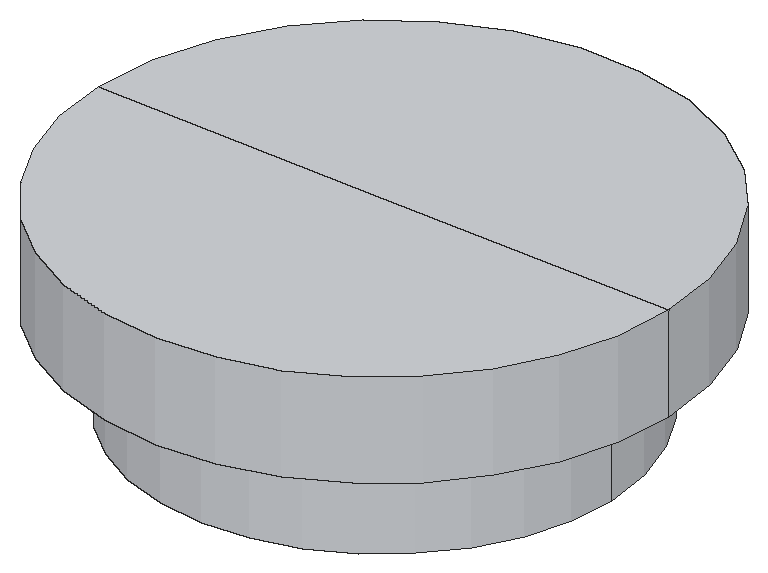
Revit family "BM_Multisensor_V1700", category Brandmelder, Revit 2017
Family settings
  Beschriftungsausrichtung beibehalten = Nein
  Bemaßung runder Anschluss = Radius verwenden
  Teiletyp = Normal
  OmniClass-Nummer = 23.85.30.21.11
  OmniClass-Titel = Fire Detection, Monitoring and Alarm
  Arbeitsebenenbasiert = Ja
  Immer vertikal = Ja
  Beim Laden mit Abzugskörper schneiden = Nein
  Gemeinsam genutzt = Nein
  Raumberechnungspunkt = Ja
Parameters (values of type "Multisensormelder_Fertigdecke")
  pbr_Material_KZ = ""
  pbr_Material = none
  pbr_E_Typ = ""
  pbr_E_KZ = ""
  pbr_DINBild = 0
  pbr_Bild = 0
  pbr_3Dx_Delta_Korrekturversatz [instance] = 0 mm
  pbr_3DX_Versatzfaktor [instance] = 0
  pbr_2DY_Versatzfaktor [instance] = 0
  pbr_2DX_Versatzfaktor [instance] = 0
  lfd_STRK [instance] = 0
  Zentrale [instance] = ""
  YFrontversatz [instance] = if(pbr_2DY_Versatzfaktor = 300, 0 mm, pbr_2DY_Versatzfaktor * 300 mm)  # 0 mm
  XSeitenversatz [instance] = if(pbr_2DX_Versatzfaktor = 0, 3000 mm, 3000 mm + (pbr_2DX_Versatzfaktor * 300 mm)) + Eckversatz  # 3000 mm
  X3Dversatz [instance] = if([3DX_Versatzkontrolle] = 0, 2000 mm, 2000 mm + ([3DX_Versatzkontrolle] * (300 mm - Breite))) + pbr_3Dx_Delta_Korrekturversatz  # 2000 mm
  Winkel [instance] = 0.00°
  Default Elevation = 1219.2 mm
  Typ [instance] = ""
  Tiefe = Breite  # 150 mm
  Text3 [instance] = ""
  Text2 [instance] = ""
  Text1 [instance] = ""
  Symbollänge [instance] = 0 mm
  Symbolabstand [instance] = if(Symbollänge = 0 mm, Breite, Symbollänge)  # 150 mm
  Spannung [instance] = 0
  Scheinleistung [instance] = 0 VA
  Radius_Melder = Breite * 0.4  # 60 mm
  Polig [instance] = 1
  Planungsbüro Osnabrück = "www.pbr.de"
  Niveau [instance] = 0 mm
  Netzart = ""
  Nennstrom [instance] = 0
  Multisensormelder unter Fertigdecke = yes
  Multisensormelder mit Alarmierung und Blitzleuchte = no
  Multisensormelder mit Alarmierung = no
  Multisensormelder in abgehängter Decke = no
  Multisensormelder im Doppelboden = no
  Menge (Dosenzahl) [instance] = 1
  Loop [instance] = ""
  Linie/Anschluss [instance] = ""
  Leistungsfaktor [instance] = 0
  Lastklassifizierung = none
  Installationsart = ""
  Info [instance] = ""
  Höhe = 50 mm
  Gewerk [instance] = "Brandmelder"
  Eckversatz [instance] = 0 mm
  Bus [instance] = ""
  Breite = 150 mm
  Betriebsstrom ruhe [instance] = 0
  Betriebsstrom max [instance] = 0
  3DX_Versatzkontrolle [instance] = if(pbr_3DX_Versatzfaktor = 0, (pbr_2DX_Versatzfaktor * -1), (((-1 * pbr_3DX_Versatzfaktor) + pbr_2DX_Versatzfaktor) * -1))  # 0
Types (5, lengths in mm): name | Tiefe | Symbolabstand | Radius_Melder | Multisensormelder unter Fertigdecke | Multisensormelder mit Alarmierung und Blitzleuchte | Multisensormelder mit Alarmierung | Multisensormelder in abgehängter Decke | Multisensormelder im Doppelboden | Höhe | Breite
  Multisensormelder_Doppelboden | 200 | 200 | 80 | no | no | no | no | yes | 80 | 200
  Multisensormelder_abgeh_Decke | 200 | 200 | 80 | no | no | no | yes | no | 80 | 200
  Multisensormelder_Alarmierung | 150 | 150 | 60 | no | no | yes | no | no | 50 | 150
  Multisensormelder_Alarmierung_ Blitzleuchte | 150 | 150 | 60 | no | yes | no | no | no | 50 | 150
  Multisensormelder_Fertigdecke | 150 | 150 | 60 | yes | no | no | no | no | 50 | 150
Reference planes
  plane 1 "Mitte (Vorne/Hinten)": y = 0
  plane 2: z = 0
  plane 3 "Mitte (Links/Rechts)": x = 0
  plane 4: y = 75
  plane 5: x = 75
  plane 6: y = -75
  plane 7: x = -75
  plane 8: y = -75
  plane 9: y = 75
  plane 10: x = -75
  plane 11: x = 75
  plane 12: z = 50
  plane 13: z = 25
Forms (mm)
  Revolve 1, solid
    sketch origin (0.104, -0.442, -50.002) x (1, 0, 0) y (0, 0, 1)
      loop
        line (0, 50.046) -> (0, 0) -> (59.896, 0) -> (59.896, 25.046) -> (74.896, 25.046) -> (74.896, 50.046) -> (0, 50.046)
      axis (0, 0) -> (0, 50.046)
    angle from 0 to 360
Lines and regions (mm)
  reference lines
    curve 1: line (0, 0, 1407.319) -> (0, 0, 1447.319)
Dimensions and locks
  equal spacing: plane 7, plane 3 "Mitte (Links/Rechts)", plane 5
  equal spacing: plane 6, plane 1 "Mitte (Vorne/Hinten)", plane 4
  "Symbolabstand": plane 7 to plane 5
  plane 4 to plane 6 = 150 mm
  equal spacing: plane 8, plane 1 "Mitte (Vorne/Hinten)", plane 9
  "Tiefe": plane 8 to plane 9
  equal spacing: plane 10, plane 3 "Mitte (Links/Rechts)", plane 11
  "Breite": plane 10 to plane 11
  "Höhe": plane 12 to plane 2
  equal spacing: plane 12, plane 13, level
  "Radius_Melder": Revolve 1 sketch curve to plane 3 "Mitte (Links/Rechts)"
  level to plane 13 = 25 mm
  aligned and locked: level to plane 2
  aligned and locked: plane 3 "Mitte (Links/Rechts)" to nested 1
  aligned and locked: plane 1 "Mitte (Vorne/Hinten)" to nested 1
  aligned and locked: plane 3 "Mitte (Links/Rechts)" to nested 2
  aligned and locked: plane 1 "Mitte (Vorne/Hinten)" to nested 2
  aligned and locked: plane 3 "Mitte (Links/Rechts)" to nested 3
  aligned and locked: plane 1 "Mitte (Vorne/Hinten)" to nested 3
  aligned and locked: plane 3 "Mitte (Links/Rechts)" to nested 4
  aligned and locked: plane 1 "Mitte (Vorne/Hinten)" to nested 4
  aligned and locked: plane 3 "Mitte (Links/Rechts)" to nested 5
  aligned and locked: plane 1 "Mitte (Vorne/Hinten)" to nested 5
Automatic sketch dimensions
  curve 1 to plane 3 "Mitte (Links/Rechts)" = 0 mm
  level to curve 1 = 1407.319 mm
  curve 1 to curve 1 = 40 mm
  Revolve 1 sketch curve to plane 5 = 0 mm
  level to Revolve 1 sketch curve = 0.044 mm
  plane 3 "Mitte (Links/Rechts)" to Revolve 1 sketch curve = 0.104 mm  (x2)
  Revolve 1 sketch curve to level = 24.956 mm
  Revolve 1 sketch curve to level = 50.002 mm
  Revolve 1 sketch curve to Revolve 1 sketch curve = 16.95 mm
  plane 12 to Revolve 1 sketch curve = 11.469 mm
Nested families
  nested 1: "Multisensormelder im Doppelboden" at (0, 0, 0), visible <- "Multisensormelder im Doppelboden", type "Multisensormelder im Doppelboden"
  nested 2: "Multisensormelder in abgeh Decke" at (0, 0, 0), visible <- "Multisensormelder in abgehängter Decke", type "Multisensormelder in abgeh Decke"
  nested 3: "Multisensormelder mit Alarmierung" at (0, 0, 0), visible <- "Multisensormelder mit Alarmierung", type "Multisensormelder mit Alarmierung"
  nested 4: "Multisensormelder mit Alarmierung und Blitzleuchte" at (0, 0, 0), visible <- "Multisensormelder mit Alarmierung und Blitzleuchte", type "Multisensormelder mit Alarmierung und Blitzleuchte"
  nested 5: "Multisensormelder unter Fertigdecke" at (0, 0, 0), visible <- "Multisensormelder unter Fertigdecke", type "Multisensormelder unter Fertigdecke"
Connectors
  electrical at (0.104, -0.442, 0.044)
    settings: on Revolve 1, index 1, voltage 12 V, apparent load 1 VA, apparent load phase1 0 VA, apparent load phase2 0 VA, apparent load phase3 0 VA, power factor 1, load classification "Sonstige", number of poles 1, system type 11, power factor state 1, is connector primary yes, connector utility no, sub classification motor no, connector description ""
Definition of nested family "Multisensormelder im Doppelboden"
  Parameters (values of type "Multisensormelder im Doppelboden")
    Lautsprecher = yes
    Design-Lautsprecher = yes
    Anbau-Lautsprecher Typ A = yes
  Reference planes
    plane 1 "Mitte (Vorne/Hinten)": y = 0
    plane 2: z = 0
    plane 3 "Mitte (Links/Rechts)": x = 0
    plane 4: x = 0
    plane 5: y = 0
  Lines and regions (mm)
    Filled region 1, type "Beton", in view "Referenzebene"
      outline origin (0, 0, 0) x (1, 0, 0) y (0, 1, 0)
        loop
          line (-11.066, -36.643) -> (40.872, -70.215) -> (7.3, -18.278) -> (-11.066, -36.643)
        loop
          line (20.434, -5.143) -> (72.372, -38.715) -> (38.8, 13.222) -> (20.434, -5.143)
    detail lines, in view "Referenzebene"
      curve 1: line (-11.066, -36.643, 0) -> (40.872, -70.215, 0)
      curve 2: line (40.872, -70.215, 0) -> (7.3, -18.278, 0)
      curve 3: line (38.8, 13.222, 0) -> (72.372, -38.715, 0)
      curve 4: line (72.372, -38.715, 0) -> (20.434, -5.143, 0)
      curve 5: line (-135, 135, 0) -> (135, 135, 0)
      curve 6: line (135, 135, 0) -> (135, -135, 0)
      curve 7: line (135, -135, 0) -> (-135, -135, 0)
      curve 8: line (-135, -135, 0) -> (-135, 135, 0)
      curve 9: line (-70.498, 41.154, 0) -> (-3.676, -25.668, 0)
      curve 10: line (-38.998, 72.654, 0) -> (27.824, 5.832, 0)
      curve 11: line (-109.246, 109.246, 0) -> (109.246, 109.246, 0)
      curve 12: line (109.246, 109.246, 0) -> (109.246, -109.246, 0)
      curve 13: line (109.246, -109.246, 0) -> (-109.246, -109.246, 0)
      curve 14: line (-109.246, -109.246, 0) -> (-109.246, 109.246, 0)
      curve 15: line (-103.446, -47.521, 0) -> (-101.25, -38.004, 0)
      curve 16: line (-101.25, -38.004, 0) -> (-91.056, -31.98, 0)
      curve 17: line (-91.056, -31.98, 0) -> (-81.433, -31.98, 0)
      curve 18: line (-81.433, -31.98, 0) -> (-76.141, -37.753, 0)
      curve 19: line (-76.141, -37.753, 0) -> (-74.112, -87.425, 0)
      curve 20: line (-74.112, -87.425, 0) -> (-69.523, -94.946, 0)
      curve 21: line (-69.523, -94.946, 0) -> (-56.895, -96.442, 0)
      curve 22: line (-56.895, -96.442, 0) -> (-45.76, -95.511, 0)
      curve 23: line (-45.76, -95.511, 0) -> (-40.447, -87.576, 0)
      curve 24: line (-40.447, -87.576, 0) -> (-38.131, -32.461, 0)
      curve 25: line (-38.131, -32.461, 0) -> (-44.867, -28.613, 0)
      curve 26: line (-44.867, -28.613, 0) -> (-53.046, -31.499, 0)
      curve 27: line (-53.046, -31.499, 0) -> (-56.414, -42.082, 0)
      curve 28: line (-56.414, -42.082, 0) -> (-51.603, -48.817, 0)
      curve 29: line (-51.603, -48.817, 0) -> (-44.386, -50.26, 0)
      curve 30: line (-44.386, -50.26, 0) -> (-35.244, -46.412, 0)
      curve 31: line (-35.244, -46.412, 0) -> (-29.47, -43.045, 0)
      curve 32: line (-29.47, -43.045, 0) -> (-23.216, -38.234, 0)
Definition of nested family "Multisensormelder in abgeh Decke"
  Parameters (values of type "Multisensormelder in abgeh Decke")
    Lautsprecher = yes
    Design-Lautsprecher = yes
    Anbau-Lautsprecher Typ A = yes
  Reference planes
    plane 1 "Mitte (Vorne/Hinten)": y = 0
    plane 2: z = 0
    plane 3 "Mitte (Links/Rechts)": x = 0
    plane 4: x = 0
    plane 5: y = 0
  Lines and regions (mm)
    Filled region 1, type "Beton", in view "Referenzebene"
      outline origin (0, 0, 0) x (1, 0, 0) y (0, 1, 0)
        loop
          line (44.021, 13.111) -> (22.979, -7.931) -> (82.485, -46.395) -> (44.021, 13.111)
        loop
          line (7.931, -22.979) -> (-13.111, -44.021) -> (46.395, -82.485) -> (7.931, -22.979)
    detail lines, in view "Referenzebene"
      curve 1: line (27.5, 0, 0) -> (-27.5, 0, 0)
      curve 2: line (0, 27.5, 0) -> (0, -27.5, 0)
      curve 3: circle (0, 0, 0) r 135.029 normal (0, 0, 1)
      curve 4: line (-13.111, -44.021, 0) -> (46.395, -82.485, 0)
      curve 5: line (46.395, -82.485, 0) -> (7.931, -22.979, 0)
      curve 6: line (44.021, 13.111, 0) -> (82.485, -46.395, 0)
      curve 7: line (82.485, -46.395, 0) -> (22.979, -7.931, 0)
      curve 8: line (-81.203, 45.112, 0) -> (-4.644, -31.446, 0)
      curve 9: line (-45.113, 81.202, 0) -> (31.446, 4.644, 0)
      curve 10: line (-87.615, 87.615, 0) -> (87.615, 87.615, 0)
      curve 11: line (87.615, 87.615, 0) -> (87.615, -87.615, 0)
      curve 12: line (87.615, -87.615, 0) -> (-87.615, -87.615, 0)
      curve 13: line (-87.615, -87.615, 0) -> (-87.615, 87.615, 0)
      curve 14: line (-82.964, -38.112, 0) -> (-81.202, -30.479, 0)
      curve 15: line (-81.202, -30.479, 0) -> (-73.027, -25.648, 0)
      curve 16: line (-73.027, -25.648, 0) -> (-65.31, -25.648, 0)
      curve 17: line (-65.31, -25.648, 0) -> (-61.065, -30.278, 0)
      curve 18: line (-61.065, -30.278, 0) -> (-59.438, -70.115, 0)
      curve 19: line (-59.438, -70.115, 0) -> (-55.757, -76.147, 0)
      curve 20: line (-55.757, -76.147, 0) -> (-45.63, -77.347, 0)
      curve 21: line (-45.63, -77.347, 0) -> (-36.699, -76.6, 0)
      curve 22: line (-36.699, -76.6, 0) -> (-32.438, -70.236, 0)
      curve 23: line (-32.438, -70.236, 0) -> (-30.581, -26.034, 0)
      curve 24: line (-30.581, -26.034, 0) -> (-35.983, -22.947, 0)
      curve 25: line (-35.983, -22.947, 0) -> (-42.543, -25.262, 0)
      curve 26: line (-42.543, -25.262, 0) -> (-45.244, -33.75, 0)
      curve 27: line (-45.244, -33.75, 0) -> (-41.385, -39.151, 0)
      curve 28: line (-41.385, -39.151, 0) -> (-35.597, -40.309, 0)
      curve 29: line (-35.597, -40.309, 0) -> (-28.266, -37.222, 0)
      curve 30: line (-28.266, -37.222, 0) -> (-23.635, -34.522, 0)
      curve 31: line (-23.635, -34.522, 0) -> (-18.619, -30.664, 0)
Definition of nested family "Multisensormelder mit Alarmierung"
  Parameters (values of type "Multisensormelder mit Alarmierung")
    Lautsprecher = yes
    Design-Lautsprecher = yes
    Anbau-Lautsprecher Typ A = yes
  Reference planes
    plane 1 "Mitte (Vorne/Hinten)": y = 0
    plane 2: z = 0
    plane 3 "Mitte (Links/Rechts)": x = 0
    plane 4: x = 0
    plane 5: y = 0
  Lines and regions (mm)
    Filled region 1, type "Beton", in view "Referenzebene"
      outline origin (0, 0, 0) x (1, 0, 0) y (0, 1, 0)
        loop
          line (47.756, 11.557) -> (25.056, -11.142) -> (89.251, -52.637) -> (47.756, 11.557)
        loop
          line (8.822, -27.377) -> (-13.878, -50.076) -> (50.317, -91.571) -> (8.822, -27.377)
    detail lines, in view "Referenzebene"
      curve 1: line (-13.878, -50.076, 0) -> (50.317, -91.571, 0)
      curve 2: line (50.317, -91.571, 0) -> (8.822, -27.377, 0)
      curve 3: line (47.756, 11.557, 0) -> (89.251, -52.637, 0)
      curve 4: line (89.251, -52.637, 0) -> (25.056, -11.142, 0)
      curve 5: line (-87.335, 46.081, 0) -> (-4.744, -36.51, 0)
      curve 6: line (-48.401, 85.015, 0) -> (34.19, 2.424, 0)
      curve 7: line (-135.028, 135.028, 0) -> (135.028, 135.028, 0)
      curve 8: line (135.028, 135.028, 0) -> (135.028, -135.028, 0)
      curve 9: line (135.028, -135.028, 0) -> (-135.028, -135.028, 0)
      curve 10: line (-135.028, -135.028, 0) -> (-135.028, 135.028, 0)
      curve 11: line (-127.86, -58.736, 0) -> (-125.145, -46.973, 0)
      curve 12: line (-125.145, -46.973, 0) -> (-112.545, -39.528, 0)
      curve 13: line (-112.545, -39.528, 0) -> (-100.652, -39.528, 0)
      curve 14: line (-100.652, -39.528, 0) -> (-94.11, -46.663, 0)
      curve 15: line (-94.11, -46.663, 0) -> (-91.602, -108.057, 0)
      curve 16: line (-91.602, -108.057, 0) -> (-85.93, -117.353, 0)
      curve 17: line (-85.93, -117.353, 0) -> (-70.323, -119.202, 0)
      curve 18: line (-70.323, -119.202, 0) -> (-56.559, -118.052, 0)
      curve 19: line (-56.559, -118.052, 0) -> (-49.992, -108.244, 0)
      curve 20: line (-49.992, -108.244, 0) -> (-47.13, -40.122, 0)
      curve 21: line (-47.13, -40.122, 0) -> (-55.455, -35.365, 0)
      curve 22: line (-55.455, -35.365, 0) -> (-65.565, -38.933, 0)
      curve 23: line (-65.565, -38.933, 0) -> (-69.728, -52.014, 0)
      curve 24: line (-69.728, -52.014, 0) -> (-63.781, -60.338, 0)
      curve 25: line (-63.781, -60.338, 0) -> (-54.861, -62.122, 0)
      curve 26: line (-54.861, -62.122, 0) -> (-43.562, -57.365, 0)
      curve 27: line (-43.562, -57.365, 0) -> (-36.425, -53.203, 0)
      curve 28: line (-36.425, -53.203, 0) -> (-28.695, -47.257, 0)
      curve 29: line (-46.35, -255.022, 0) -> (46.35, -255.022, 0)
      curve 30: line (46.35, -255.022, 0) -> (46.35, -162.322, 0)
      curve 31: line (46.35, -162.322, 0) -> (-46.35, -162.322, 0)
      curve 32: line (-46.35, -162.322, 0) -> (-46.35, -255.022, 0)
      curve 33: line (46.35, -194.767, 0) -> (101.271, -173.909, 0)
      curve 34: line (101.271, -173.909, 0) -> (101.271, -243.434, 0)
      curve 35: line (101.271, -243.434, 0) -> (46.35, -222.577, 0)
      curve 36: line (0, -135.028, 0) -> (0, -162.322, 0)
Definition of nested family "Multisensormelder mit Alarmierung und Blitzleuchte"
  Parameters (values of type "Multisensormelder mit Alarmierung und Blitzleuchte")
    Lautsprecher = yes
    Design-Lautsprecher = yes
    Anbau-Lautsprecher Typ A = yes
  Reference planes
    plane 1 "Mitte (Vorne/Hinten)": y = 0
    plane 2: z = 0
    plane 3 "Mitte (Links/Rechts)": x = 0
    plane 4: x = 0
    plane 5: y = 0
  Lines and regions (mm)
    Filled region 1, type "Beton", in view "Referenzebene"
      outline origin (0, 0, 0) x (1, 0, 0) y (0, 1, 0)
        loop
          line (47.756, 11.557) -> (25.056, -11.142) -> (89.251, -52.637) -> (47.756, 11.557)
        loop
          line (8.822, -27.377) -> (-13.878, -50.076) -> (50.317, -91.571) -> (8.822, -27.377)
    detail lines, in view "Referenzebene"
      curve 1: arc (58.741, 306.479, 0) -> (-0.458, 364.414, 0) -> (-58.8, 305.615, 0) r 58.774
      curve 2: line (-13.878, -50.076, 0) -> (50.317, -91.571, 0)
      curve 3: line (50.317, -91.571, 0) -> (8.822, -27.377, 0)
      curve 4: line (47.756, 11.557, 0) -> (89.251, -52.637, 0)
      curve 5: line (89.251, -52.637, 0) -> (25.056, -11.142, 0)
      curve 6: line (-87.335, 46.081, 0) -> (-4.744, -36.51, 0)
      curve 7: line (-48.401, 85.015, 0) -> (34.19, 2.424, 0)
      curve 8: line (-135.028, 135.028, 0) -> (135.028, 135.028, 0)
      curve 9: line (135.028, 135.028, 0) -> (135.028, -135.028, 0)
      curve 10: line (135.028, -135.028, 0) -> (-135.028, -135.028, 0)
      curve 11: line (-135.028, -135.028, 0) -> (-135.028, 135.028, 0)
      curve 12: line (-127.86, -58.736, 0) -> (-125.145, -46.973, 0)
      curve 13: line (-125.145, -46.973, 0) -> (-112.545, -39.528, 0)
      curve 14: line (-112.545, -39.528, 0) -> (-100.652, -39.528, 0)
      curve 15: line (-100.652, -39.528, 0) -> (-94.11, -46.663, 0)
      curve 16: line (-94.11, -46.663, 0) -> (-91.602, -108.057, 0)
      curve 17: line (-91.602, -108.057, 0) -> (-85.93, -117.353, 0)
      curve 18: line (-85.93, -117.353, 0) -> (-70.323, -119.202, 0)
      curve 19: line (-70.323, -119.202, 0) -> (-56.559, -118.052, 0)
      curve 20: line (-56.559, -118.052, 0) -> (-49.992, -108.244, 0)
      curve 21: line (-49.992, -108.244, 0) -> (-47.13, -40.122, 0)
      curve 22: line (-47.13, -40.122, 0) -> (-55.455, -35.365, 0)
      curve 23: line (-55.455, -35.365, 0) -> (-65.565, -38.933, 0)
      curve 24: line (-65.565, -38.933, 0) -> (-69.728, -52.014, 0)
      curve 25: line (-69.728, -52.014, 0) -> (-63.781, -60.338, 0)
      curve 26: line (-63.781, -60.338, 0) -> (-54.861, -62.122, 0)
      curve 27: line (-54.861, -62.122, 0) -> (-43.562, -57.365, 0)
      curve 28: line (-43.562, -57.365, 0) -> (-36.425, -53.203, 0)
      curve 29: line (-36.425, -53.203, 0) -> (-28.695, -47.257, 0)
      curve 30: line (-46.35, -255.022, 0) -> (46.35, -255.022, 0)
      curve 31: line (46.35, -255.022, 0) -> (46.35, -162.322, 0)
      curve 32: line (46.35, -162.322, 0) -> (-46.35, -162.322, 0)
      curve 33: line (-46.35, -162.322, 0) -> (-46.35, -255.022, 0)
      curve 34: line (46.35, -194.767, 0) -> (101.271, -173.909, 0)
      curve 35: line (101.271, -173.909, 0) -> (101.271, -243.434, 0)
      curve 36: line (101.271, -243.434, 0) -> (46.35, -222.577, 0)
      curve 37: line (0, -135.028, 0) -> (0, -162.322, 0)
      curve 38: line (-71.291, 346.775, 0) -> (-112.029, 370.295, 0)
      curve 39: line (-41.16, 376.907, 0) -> (-64.68, 417.645, 0)
      curve 40: line (0, 387.935, 0) -> (0, 434.975, 0)
      curve 41: line (41.16, 376.907, 0) -> (64.68, 417.645, 0)
      curve 42: line (71.291, 346.775, 0) -> (112.029, 370.295, 0)
      curve 43: line (-58.8, 305.615, 0) -> (-58.8, 197.602, 0)
      curve 44: line (-94.08, 162.322, 0) -> (94.08, 162.322, 0)
      curve 45: line (94.08, 162.322, 0) -> (58.8, 197.602, 0)
      curve 46: line (58.8, 197.602, 0) -> (58.8, 306.479, 0)
      curve 47: line (0, 162.322, 0) -> (0, 135.028, 0)
      curve 48: line (-58.8, 197.602, 0) -> (-94.08, 162.322, 0)
Definition of nested family "Multisensormelder unter Fertigdecke"
  Parameters (values of type "Multisensormelder unter Fertigdecke")
    Lautsprecher = yes
    Design-Lautsprecher = yes
    Anbau-Lautsprecher Typ A = yes
  Reference planes
    plane 1 "Mitte (Vorne/Hinten)": y = 0
    plane 2: z = 0
    plane 3 "Mitte (Links/Rechts)": x = 0
    plane 4: y = 0
    plane 5: x = 0
  Lines and regions (mm)
    Filled region 1, type "Beton", in view "Referenzebene"
      outline origin (0, 0, 0) x (1, 0, 0) y (0, 1, 0)
        loop
          line (8.358, -22.195) -> (-13.681, -44.234) -> (48.644, -84.52) -> (8.358, -22.195)
        loop
          line (24.119, -6.434) -> (86.444, -46.72) -> (46.158, 15.605) -> (24.119, -6.434)
    detail lines, in view "Referenzebene"
      curve 1: line (-13.681, -44.234, 0) -> (48.644, -84.52, 0)
      curve 2: line (48.644, -84.52, 0) -> (8.358, -22.195, 0)
      curve 3: line (46.158, 15.605, 0) -> (86.444, -46.72, 0)
      curve 4: line (86.444, -46.72, 0) -> (24.119, -6.434, 0)
      curve 5: line (-84.999, 49.123, 0) -> (-4.813, -31.063, 0)
      curve 6: line (-47.199, 86.923, 0) -> (32.987, 6.737, 0)
      curve 7: line (-131.095, 131.095, 0) -> (131.095, 131.095, 0)
      curve 8: line (131.095, 131.095, 0) -> (131.095, -131.095, 0)
      curve 9: line (131.095, -131.095, 0) -> (-131.095, -131.095, 0)
      curve 10: line (-131.095, -131.095, 0) -> (-131.095, 131.095, 0)
      curve 11: line (-124.136, -57.025, 0) -> (-121.5, -45.605, 0)
      curve 12: line (-121.5, -45.605, 0) -> (-109.267, -38.376, 0)
      curve 13: line (-109.267, -38.376, 0) -> (-97.72, -38.376, 0)
      curve 14: line (-97.72, -38.376, 0) -> (-91.369, -45.304, 0)
      curve 15: line (-91.369, -45.304, 0) -> (-88.934, -104.91, 0)
      curve 16: line (-88.934, -104.91, 0) -> (-83.428, -113.935, 0)
      curve 17: line (-83.428, -113.935, 0) -> (-68.274, -115.731, 0)
      curve 18: line (-68.274, -115.731, 0) -> (-54.912, -114.614, 0)
      curve 19: line (-54.912, -114.614, 0) -> (-48.536, -105.092, 0)
      curve 20: line (-48.536, -105.092, 0) -> (-45.757, -38.954, 0)
      curve 21: line (-45.757, -38.954, 0) -> (-53.84, -34.335, 0)
      curve 22: line (-53.84, -34.335, 0) -> (-63.655, -37.799, 0)
      curve 23: line (-63.655, -37.799, 0) -> (-67.697, -50.499, 0)
      curve 24: line (-67.697, -50.499, 0) -> (-61.923, -58.581, 0)
      curve 25: line (-61.923, -58.581, 0) -> (-53.263, -60.313, 0)
      curve 26: line (-53.263, -60.313, 0) -> (-42.293, -55.694, 0)
      curve 27: line (-42.293, -55.694, 0) -> (-35.365, -51.653, 0)
      curve 28: line (-35.365, -51.653, 0) -> (-27.859, -45.881, 0)
